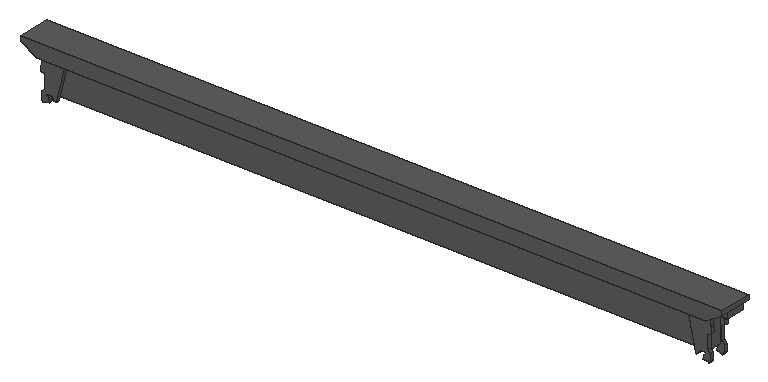
Revit family "CC4_SUPPORTING TRANSVERSAL 1,5_1870999", category Generic Models, Revit 2018
Family settings
  Can host rebar = No
  Round Connector Dimension = Use Diameter
  Part Type = Normal
  OmniClass Number = 35.51.14.00
  OmniClass Title = FORMWORK
  Work Plane-Based = Yes
  Always vertical = No
  Cut with Voids When Loaded = No
  Shared = Yes
  Room Calculation Point = No
Parameters
  VERSION = "20190101"  # constant formula
  URL = "www.ulmaconstruction.com/en"
  UNICLASS = ""
  ITEM_CODE = "1870999"
  Manufacturer = "ULMA CONSTRUCTION"  # constant formula
  FILTER [instance] = ""
  Default Elevation = 0.000 mm
  CLASSIFICATION_TITLE = ""
  CLASSIFICATION_NUMBER = ""
Reference planes
  plane 1 "Centro (Frontal/Posterior)": y = 0
  plane 2: z = 0
  plane 3 "Centro (Izquierda/Derecha)": x = 0
  plane 4 "ITEM_LENGTH": x = 1500
Forms (mm)
  Extrusion 1, solid, material "ULMA BLACK", detail levels fine
    sketch origin (0, 0, 0) x (0, 1, 0) y (0, 0, 1)
      loop
        line (20, -30) -> (20, -100) -> (50, -100) -> (50, -30) -> (20, -30)
    from 44 to 1456
  Extrusion 2, solid, material "ULMA BLACK", detail levels fine
    sketch origin (0, 0, 0) x (1, 0, 0) y (0, 0, 1)
      loop
        line (67.216, -108.274) -> (85.5, -30) -> (35.5, -30) -> (35.5, -47.08) -> (33.5, -50.544) -> (33.5, -60.544) -> (41, -64.874) -> (41, -92.467) -> (35.25, -99.32) -> (35.25, -114.107)
        arc (35.25, -114.107) -> (36.815, -117.28) -> (40.285, -117.97) r 4
        line (40.285, -117.97) -> (51.75, -114.898)
        arc (51.75, -114.898) -> (51.328, -111.216) -> (50.16, -107.698) r 18
        line (50.16, -107.698) -> (46.775, -104.313)
        arc (46.775, -104.313) -> (46.341, -102.133) -> (48.189, -100.898) r 2
        line (48.189, -100.898) -> (55.807, -100.898)
        arc (55.807, -100.898) -> (57.057, -101.233) -> (57.972, -102.148) r 2.5
        line (57.972, -102.148) -> (61.234, -107.798) -> (64.269, -109.551)
        arc (64.269, -109.551) -> (66.064, -109.654) -> (67.216, -108.274) r 2
    from -20 to -14
  Extrusion 3, solid, material "ULMA BLACK", detail levels fine
    sketch origin (0, 0, 0) x (1, 0, 0) y (0, 0, 1)
      loop
        line (67.216, -108.274) -> (85.5, -30) -> (35.5, -30) -> (35.5, -47.08) -> (33.5, -50.544) -> (33.5, -60.544) -> (41, -64.874) -> (41, -92.467) -> (35.25, -99.32) -> (35.25, -114.107)
        arc (35.25, -114.107) -> (36.815, -117.28) -> (40.285, -117.97) r 4
        line (40.285, -117.97) -> (51.75, -114.898)
        arc (51.75, -114.898) -> (51.328, -111.216) -> (50.16, -107.698) r 18
        line (50.16, -107.698) -> (46.775, -104.313)
        arc (46.775, -104.313) -> (46.341, -102.133) -> (48.189, -100.898) r 2
        line (48.189, -100.898) -> (55.807, -100.898)
        arc (55.807, -100.898) -> (57.057, -101.233) -> (57.972, -102.148) r 2.5
        line (57.972, -102.148) -> (61.234, -107.798) -> (64.269, -109.551)
        arc (64.269, -109.551) -> (66.064, -109.654) -> (67.216, -108.274) r 2
    from -56 to -50
  Extrusion 4, solid, material "ULMA BLACK", detail levels fine
    sketch origin (0, 0, 0) x (1, 0, 0) y (0, 0, 1)
      loop
        arc (1432.784, -108.274) -> (1433.936, -109.654) -> (1435.731, -109.551) r 2
        line (1435.731, -109.551) -> (1438.766, -107.798) -> (1442.028, -102.148)
        arc (1442.028, -102.148) -> (1442.943, -101.233) -> (1444.193, -100.898) r 2.5
        line (1444.193, -100.898) -> (1451.811, -100.898)
        arc (1451.811, -100.898) -> (1453.659, -102.133) -> (1453.225, -104.313) r 2
        line (1453.225, -104.313) -> (1449.84, -107.698)
        arc (1449.84, -107.698) -> (1448.672, -111.216) -> (1448.25, -114.898) r 18
        line (1448.25, -114.898) -> (1459.715, -117.97)
        arc (1459.715, -117.97) -> (1463.185, -117.28) -> (1464.75, -114.107) r 4
        line (1464.75, -114.107) -> (1464.75, -99.32) -> (1459, -92.467) -> (1459, -64.874) -> (1466.5, -60.544) -> (1466.5, -50.544) -> (1464.5, -47.08) -> (1464.5, -30) -> (1414.5, -30) -> (1432.784, -108.274)
    from -56 to -50
  Extrusion 5, solid, material "ULMA BLACK", detail levels fine
    sketch origin (0, 0, 0) x (1, 0, 0) y (0, 0, 1)
      loop
        line (1414.5, -30) -> (1432.784, -108.274)
        arc (1432.784, -108.274) -> (1433.936, -109.654) -> (1435.731, -109.551) r 2
        line (1435.731, -109.551) -> (1438.766, -107.798) -> (1442.028, -102.148)
        arc (1442.028, -102.148) -> (1442.943, -101.233) -> (1444.193, -100.898) r 2.5
        line (1444.193, -100.898) -> (1451.811, -100.898)
        arc (1451.811, -100.898) -> (1453.659, -102.133) -> (1453.225, -104.313) r 2
        line (1453.225, -104.313) -> (1449.84, -107.698)
        arc (1449.84, -107.698) -> (1448.672, -111.216) -> (1448.25, -114.898) r 18
        line (1448.25, -114.898) -> (1459.715, -117.97)
        arc (1459.715, -117.97) -> (1463.185, -117.28) -> (1464.75, -114.107) r 4
        line (1464.75, -114.107) -> (1464.75, -99.32) -> (1459, -92.467) -> (1459, -64.874) -> (1466.5, -60.544) -> (1466.5, -50.544) -> (1464.5, -47.08) -> (1464.5, -30) -> (1414.5, -30)
    from -20 to -14
  Extrusion 6, solid, material "ULMA BLACK", detail levels fine
    sketch origin (0, 0, 0) x (0, 1, 0) y (0, 0, 1)
      loop
        line (0, 0) -> (0, -30) -> (70, -30) -> (70, 0) -> (0, 0)
    from 0 to 1500
  Extrusion 7, void
    sketch origin (0, 0, 0) x (1, 0, 0) y (0, 0, 1)
      loop
        line (35.641, -30) -> (0, -9.423) -> (0, -30) -> (35.641, -30)
    from -70 to 0
  Extrusion 8, void
    sketch origin (0, 0, 0) x (1, 0, 0) y (0, 0, 1)
      loop
        line (1500, -9.423) -> (1464.359, -30) -> (1500, -30) -> (1500, -9.423)
    from -70 to 0
  Extrusion 9, solid, material "ULMA BLACK", detail levels fine
    sketch origin (0, 0, 0) x (1, 0, 0) y (0, 0, 1)
      loop
        line (1500, -9.423) -> (1478.215, -22) -> (1500, -22) -> (1500, -9.423)
    from -55 to -15
  Extrusion 10, solid, material "ULMA BLACK", detail levels fine
    sketch origin (0, 0, 0) x (1, 0, 0) y (0, 0, 1)
      loop
        line (21.785, -22) -> (0, -9.423) -> (0, -22) -> (21.785, -22)
    from -55 to -15
  Extrusion 11, solid, material "ULMA BLACK", detail levels medium
    sketch origin (0, 0, 0) x (1, 0, 0) y (0, 1, 0)
      loop
        line (0, 70) -> (0, 0) -> (1500, 0) -> (1500, 70) -> (0, 70)
    from 0 to -100
Cuts and joins
  Extrusion 7, Extrusion 8 cuts Extrusion 6
Lines and regions (mm)
  model lines, style "ULMA SUPPORTING", detail levels coarse
    curve 1: line (0, 0, 0) -> (75, 0, 0)
    curve 2: line (1425, 0, 0) -> (1500, 0, 0)
    curve 3: line (75, 35, 0) -> (1425, 35, 0)
    curve 4: line (75, -35, 0) -> (75, 35, 0)
    curve 5: line (1425, -35, 0) -> (75, -35, 0)
    curve 6: line (1425, 35, 0) -> (1425, -35, 0)
Dimensions and locks
  locked: plane 4 "ITEM_LENGTH" to plane 3 "Centro (Izquierda/Derecha)" at 1500
  aligned and locked: level to plane 2
  aligned and locked: plane 4 "ITEM_LENGTH" to cut or joined group of Extrusion 6, Extrusion 7, Extrusion 8
  aligned and locked: plane 4 "ITEM_LENGTH" to Extrusion 9
  aligned and locked: Extrusion 6 to plane 3 "Centro (Izquierda/Derecha)"
  aligned and locked: Extrusion 10 to plane 3 "Centro (Izquierda/Derecha)"
